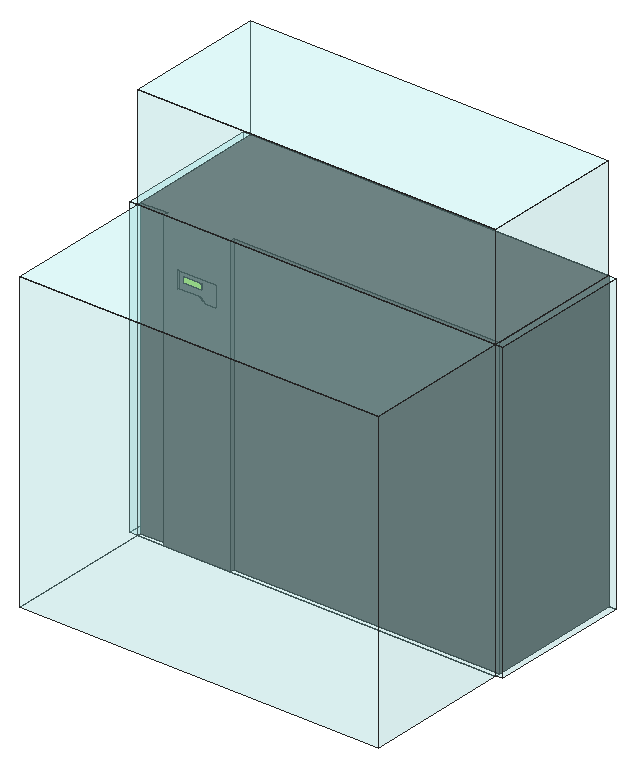
Revit family "Legrand-Ups-Keor_HP-100_800kVA", category Installations électriques, Revit 2018
Family settings
  Conserver l'orientation des annotations = Non
  Cote de connecteur circulaire = Utiliser le diamètre
  Type d'élément = Normal
  Numéro OmniClass = 23.80.10.17.34
  Titre OmniClass = Static Uninterruptible Power Supplies
  Basée sur le plan de construction = Non
  Toujours verticalement = Oui
  Couper avec des vides une fois chargée = Non
  Partagée = Non
  Point de calcul de pièce = Non
Parameters (values of type "960438")
  Visibilità aree d'installazione = yes
  URL = "https://ups.legrand.com/it/prodotti/keor-hp"
  Right Width = 2032.5 mm
  General Conditions of Use = "https://export.legrand.com/en/terms-of-use-BIM-objects"
  Fabricant = "LEGRAND"
  Output power factor = 0.9
  Output Voltage = "380,400,415 Vac"
  Operating temperature = "from 0°C to +40°C"
  Operating altitude = "up to 1000 m altitude without derating"
  Modèle = "KEOR HP"
  Max sound pressure level = "< 62 dB at 1m"
  Left Width = 407.5 mm
  Installation type = "On the floor"
  Installation space = 4.70 m³
  Input / Output phase configuration = "3ph+PE/3ph+N+PE"
  Humidity = "0-95% not condensing"
  Frequency of use = "50 Hz or 60 Hz selectable"
  Connection constraint (signal) = "Ahead and above/bottom"
  Connection constraint = "Ahead and bottom"
  Conductors = "Cables"
  Cabinet Depth = 965 mm
  Nominal Power = 600 kVA
  Weight = 2400.0 kg
  Cabinet Width = 2440 mm
  Back Clearance = 0 mm
  Side Clearance = 50 mm
  Front Clearance = 1000 mm
  Cabinet Height = 2020 mm
  UPS Only = yes
  Additional Cabinet = no
  Active power of use = 540 kW
Types (31, lengths in mm): name | Right Width | Output power factor | Output Voltage | Max sound pressure level | Left Width | Installation space | Input / Output phase configuration | Frequency of use | Connection constraint (signal) | Connection constraint | Cabinet Depth | Nominal Power | Weight | Cabinet Width | Cabinet Height | UPS Only | Additional Cabinet | Active power of use
  (no name) | 385 | 0 | "" | "" | 385 | 1.40 m³ | "" | "" | "" | "Ahead and above" | 950 | 0 kVA | 300.0 kg | 770 | 1920 | no | yes | 0 kW
  960430 | 407.5 | 0.9 | "380,400,415 Vac" | "< 60 dB at 1m" | 407.5 | 1.12 m³ | "3ph+PE/3ph+N+PE" | "50 Hz or 60 Hz selectable" | "Ahead and above/bottom" | "Ahead and bottom" | 825 | 100 kVA | 625.0 kg | 815 | 1670 | yes | no | 90 kW
  960431 | 407.5 | 0.9 | "380,400,415 Vac" | "< 60 dB at 1m" | 407.5 | 1.12 m³ | "3ph+PE/3ph+N+PE" | "50 Hz or 60 Hz selectable" | "Ahead and above/bottom" | "Ahead and bottom" | 825 | 125 kVA | 660.0 kg | 815 | 1670 | yes | no | 112.5 kW
  960432 | 407.5 | 0.9 | "380,400,415 Vac" | "< 60 dB at 1m" | 407.5 | 1.12 m³ | "3ph+PE/3ph+N+PE" | "50 Hz or 60 Hz selectable" | "Ahead and above/bottom" | "Ahead and bottom" | 825 | 160 kVA | 715.0 kg | 815 | 1670 | yes | no | 144 kW
  960433 | 407.5 | 0.9 | "380,400,415 Vac" | "< 62 dB at 1m" | 812.5 | 2.00 m³ | "3ph+PE/3ph+N+PE" | "50 Hz or 60 Hz selectable" | "Ahead and above/bottom" | "Ahead and bottom" | 870 | 200 kVA | 970.0 kg | 1220 | 1905 | yes | no | 180 kW
  960434 | 407.5 | 0.9 | "380,400,415 Vac" | "< 62 dB at 1m" | 812.5 | 2.00 m³ | "3ph+PE/3ph+N+PE" | "50 Hz or 60 Hz selectable" | "Ahead and above/bottom" | "Ahead and bottom" | 870 | 250 kVA | 1090.0 kg | 1220 | 1905 | yes | no | 225 kW
  960435 | 407.5 | 0.9 | "380,400,415 Vac" | "< 62 dB at 1m" | 812.5 | 2.00 m³ | "3ph+PE/3ph+N+PE" | "50 Hz or 60 Hz selectable" | "Ahead and above/bottom" | "Ahead and bottom" | 870 | 300 kVA | 1170.0 kg | 1220 | 1905 | yes | no | 270 kW
  960436 | 1582.5 | 0.9 | "380,400,415 Vac" | "< 62 dB at 1m" | 407.5 | 3.60 m³ | "3ph+PE/3ph+N+PE" | "50 Hz or 60 Hz selectable" | "Ahead and above/bottom" | "Ahead and bottom" | 965 | 400 kVA | 1820.0 kg | 1990 | 1920 | yes | no | 360 kW
  960437 | 2032.5 | 0.9 | "380,400,415 Vac" | "< 62 dB at 1m" | 407.5 | 4.70 m³ | "3ph+PE/3ph+N+PE" | "50 Hz or 60 Hz selectable" | "Ahead and above/bottom" | "Ahead and bottom" | 965 | 500 kVA | 2220.0 kg | 2440 | 2020 | yes | no | 450 kW
  960438 | 2032.5 | 0.9 | "380,400,415 Vac" | "< 62 dB at 1m" | 407.5 | 4.70 m³ | "3ph+PE/3ph+N+PE" | "50 Hz or 60 Hz selectable" | "Ahead and above/bottom" | "Ahead and bottom" | 965 | 600 kVA | 2400.0 kg | 2440 | 2020 | yes | no | 540 kW
  960439 | 2847.5 | 0.9 | "380,400,415 Vac" | "< 62 dB at 1m" | 792.5 | 6.70 m³ | "3ph+PE/3ph+N+PE" | "50 Hz or 60 Hz selectable" | "Ahead and above/bottom" | "Ahead and bottom" | 965 | 800 kVA | 3600.0 kg | 3640 | 1920 | yes | no | 720 kW
  960440 | 275 | 0 | "" | "" | 275 | 1.00 m³ | "" | "" | "" | "Ahead and above" | 950 | 0 kVA | 175.0 kg | 550 | 1920 | no | yes | 0 kW
  960441 | 285 | 0 | "" | "" | 285 | 1.09 m³ | "" | "" | "" | "Ahead and above" | 950 | 0 kVA | 195.0 kg | 570 | 2020 | no | yes | 0 kW
  960442 | 285 | 0 | "" | "" | 285 | 1.09 m³ | "" | "" | "" | "Ahead and above" | 950 | 0 kVA | 195.0 kg | 570 | 2020 | no | yes | 0 kW
  960443 | 285 | 0 | "" | "" | 285 | 1.00 m³ | "" | "" | "" | "Ahead and above" | 950 | 0 kVA | 225.0 kg | 570 | 1920 | no | yes | 0 kW
  960454 | 245 | 0 | "" | "" | 245 | 1.00 m³ | "" | "" | "" | "Ahead and above" | 825 | 0 kVA | 120.0 kg | 490 | 1670 | no | yes | 0 kW
  960455 | 275 | 0 | "" | "" | 275 | 0.91 m³ | "" | "" | "" | "Ahead and above" | 855 | 0 kVA | 120.0 kg | 550 | 1950 | no | yes | 0 kW
  960456 | 275 | 0 | "" | "" | 275 | 1.00 m³ | "" | "" | "" | "Ahead and above" | 950 | 0 kVA | 190.0 kg | 550 | 1920 | no | yes | 0 kW
  960457 | 275 | 0 | "" | "" | 275 | 1.00 m³ | "" | "" | "" | "Ahead and above" | 950 | 0 kVA | 240.0 kg | 550 | 2020 | no | yes | 0 kW
  960458 | 275 | 0 | "" | "" | 275 | 1.00 m³ | "" | "" | "" | "Ahead and above" | 950 | 0 kVA | 260.0 kg | 550 | 2020 | no | yes | 0 kW
  960459 | 385 | 0 | "" | "" | 385 | 1.40 m³ | "" | "" | "" | "Ahead and above" | 950 | 0 kVA | 300.0 kg | 770 | 1920 | no | yes | 0 kW
  960444 | 245 | 0 | "" | "" | 245 | 0.67 m³ | "" | "" | "" | "Ahead and above" | 825 | 0 kVA | 468.0 kg | 490 | 1670 | no | yes | 0 kW
  960445 | 245 | 0 | "" | "" | 245 | 0.67 m³ | "" | "" | "" | "Ahead and above" | 825 | 0 kVA | 488.0 kg | 490 | 1670 | no | yes | 0 kW
  960446 | 245 | 0 | "" | "" | 245 | 0.67 m³ | "" | "" | "" | "Ahead and above" | 825 | 0 kVA | 508.0 kg | 490 | 1670 | no | yes | 0 kW
  960447 | 275 | 0 | "" | "" | 275 | 0.91 m³ | "" | "" | "" | "Ahead and above" | 855 | 0 kVA | 570.0 kg | 550 | 1950 | no | yes | 0 kW
  960448 | 275 | 0 | "" | "" | 275 | 0.91 m³ | "" | "" | "" | "Ahead and above" | 855 | 0 kVA | 725.0 kg | 550 | 1950 | no | yes | 0 kW
  960449 | 275 | 0 | "" | "" | 275 | 0.91 m³ | "" | "" | "" | "Ahead and above" | 855 | 0 kVA | 1005.0 kg | 550 | 1950 | no | yes | 0 kW
  960450 | 275 | 0 | "" | "" | 275 | 1.00 m³ | "" | "" | "" | "Ahead and above" | 950 | 0 kVA | 1150.0 kg | 550 | 1920 | no | yes | 0 kW
  960451 | 275 | 0 | "" | "" | 275 | 1.00 m³ | "" | "" | "" | "Ahead and above" | 950 | 0 kVA | 1250.0 kg | 550 | 2020 | no | yes | 0 kW
  960452 | 275 | 0 | "" | "" | 275 | 1.00 m³ | "" | "" | "" | "Ahead and above" | 950 | 0 kVA | 1450.0 kg | 550 | 2020 | no | yes | 0 kW
  960453 | 600 | 0 | "" | "" | 600 | 2.10 m³ | "" | "" | "" | "Ahead and above" | 950 | 0 kVA | 1600.0 kg | 1200 | 1920 | no | yes | 0 kW
Reference planes
  plane 1 "Centro (Fronte/Retro)": y = 0
  plane 2: z = 0
  plane 3 "Centro (Sinistra/Destra)": x = 0
  plane 4: x = 2032.5
  plane 5: x = -407.5
  plane 6: y = 482.5
  plane 7 "Piano Frontale": y = -482.5
  plane 8 "PIANO TETTO ARMADIO": z = 2020
  plane 9: y = -480.5
  plane 10: z = 2720
  plane 11: y = -1482.5
  plane 12: x = 2082.5
  plane 13: x = -457.5
  plane 14: y = -484.5
  plane 15: y = -382.5
Forms (mm)
  Extrusion 1, solid
    sketch origin (0, 0, 0) x (1, 0, 0) y (0, 1, 0)
      loop
        line (-407.5, 482.5) -> (-407.5, -482.5) -> (2032.5, -482.5) -> (2032.5, 482.5) -> (-407.5, 482.5)
    from 0 to 2020
  Extrusion 2, void
    sketch origin (0, 0, 0) x (1, 0, 0) y (0, 1, 0)
      loop
        line (-407.5, -482.5) -> (-225, -482.5) -> (-225, -452.5) -> (-407.5, -452.5) -> (-407.5, -482.5)
      loop
        line (2032.5, -482.5) -> (2032.5, -452.5) -> (225, -452.5) -> (225, -482.5) -> (2032.5, -482.5)
    from 0 to 2020
  Extrusion 3, void
    sketch origin (2032.5, -482.5, 0) x (1, 0, 0) y (0, 0, -1)
      loop
        line (-2162.5, -1720) -> (-1902.5, -1720) -> (-1902.5, -1570) -> (-1977.5, -1570) -> (-2012.5, -1605) -> (-2162.5, -1605) -> (-2162.5, -1720)
    from 0 to 2
  Extrusion 4, solid, visible <- "UPS Only"
    sketch origin (2032.5, -480.5, 0) x (-1, 0, 0) y (0, 0, -1)
      loop
        line (2122.5, -1690) -> (2122.5, -1655) -> (2002.5, -1655) -> (2002.5, -1690) -> (2122.5, -1690)
    from 0 to 2
  Extrusion 5, solid
    sketch origin (0, 0, 2020) x (-1, 0, 0) y (0, -1, 0)
      loop
        line (407.5, -482.5) -> (407.5, 482.5) -> (-2032.5, 482.5) -> (-2032.5, -482.5) -> (407.5, -482.5)
    from 0 to 700
  Extrusion 6, solid
    sketch origin (0, 0, 0) x (1, 0, 0) y (0, 1, 0)
      loop
        line (-407.5, -482.5) -> (-407.5, -1482.5) -> (2032.5, -1482.5) -> (2032.5, -482.5) -> (-407.5, -482.5)
    from 0 to 2020
  Extrusion 7, solid
    sketch origin (0, 0, 0) x (1, 0, 0) y (0, 1, 0)
      loop
        line (-457.5, 482.5) -> (-457.5, -482.5) -> (-407.5, -482.5) -> (-407.5, 482.5) -> (-457.5, 482.5)
    from 0 to 2020
  Extrusion 8, solid, visible <- "UPS Only"
    sketch origin (0, 0, 0) x (1, 0, 0) y (0, 1, 0)
      loop
        line (2082.5, 482.5) -> (2032.5, 482.5) -> (2032.5, -482.5) -> (2082.5, -482.5) -> (2082.5, 482.5)
    from 0 to 2020
  Extrusion 9, solid, visible <- "Additional Cabinet"
    sketch origin (1413.306, -482.5, 1200) x (1, 0, 0) y (0, 0, 1)
      loop
        line (-1820.806, 820) -> (-1820.806, -1200) -> (619.194, -1200) -> (619.194, 820) -> (-1820.806, 820)
    from -30 to 2
Cuts and joins
  Extrusion 2, Extrusion 3 cuts Extrusion 1
Dimensions and locks
  "Cabinet Width": plane 5 to plane 4
  equal spacing: plane 6, plane 1 "Centro (Fronte/Retro)", plane 7 "Piano Frontale"
  "Cabinet Depth": plane 6 to plane 7 "Piano Frontale"
  "Cabinet Height": plane 8 "PIANO TETTO ARMADIO" to level
  "Left Width": plane 5 to plane 3 "Centro (Sinistra/Destra)"
  "Right Width": plane 3 "Centro (Sinistra/Destra)" to plane 4
  locked: Extrusion 2 sketch curve to Extrusion 2 sketch curve at 450
  locked: Extrusion 2 sketch curve to Extrusion 2 sketch curve at 30
  equal spacing: Extrusion 2 sketch curve, plane 3 "Centro (Sinistra/Destra)", Extrusion 2 sketch curve, locked at 225 each
  locked: plane 9 to plane 7 "Piano Frontale" at 2
  cut or joined group of Extrusion 1, Extrusion 2, Extrusion 3 to Extrusion 4 sketch curve to Extrusion 4 sketch curve = 30 mm locked, 35 mm locked
  cut or joined group of Extrusion 1, Extrusion 2, Extrusion 3 to Extrusion 4 sketch curve = 40 mm
  Extrusion 4 sketch curve to Extrusion 4 sketch curve = 120 mm
  locked: Extrusion 3 sketch curve to Extrusion 3 sketch curve at 260
  equal spacing: Extrusion 3 sketch curve, plane 3 "Centro (Sinistra/Destra)", Extrusion 3 sketch curve, locked at 130 each
  plane 3 "Centro (Sinistra/Destra)" to Extrusion 5 = 407.5 mm
  plane 10 to plane 8 "PIANO TETTO ARMADIO" = 700 mm
  "Front Clearance": plane 11 to plane 7 "Piano Frontale"
  "Side Clearance": plane 4 to plane 12
  "Side Clearance": plane 13 to plane 5
  plane 7 "Piano Frontale" to Extrusion 9 = 30 mm
  plane 14 to plane 7 "Piano Frontale" = 2 mm
  aligned and locked: level to plane 2
  aligned and locked: Extrusion 1 sketch curve to plane 6
  aligned and locked: plane 5 to Extrusion 1 sketch curve
  aligned and locked: Extrusion 1 sketch curve to plane 7 "Piano Frontale"
  aligned and locked: Extrusion 1 sketch curve to plane 4
  aligned and locked: Extrusion 1 to plane 8 "PIANO TETTO ARMADIO"
  aligned and locked: Extrusion 2 sketch curve to Extrusion 1  (x3)
  aligned and locked: Extrusion 1 to Extrusion 2 sketch curve
  aligned and locked: Extrusion 2 sketch curve to Extrusion 2 sketch curve
  aligned and locked: Extrusion 2 to Extrusion 1
  aligned and locked: Extrusion 2 to level
  aligned and locked: plane 9 to Extrusion 3
  aligned and locked: cut or joined group of Extrusion 1, Extrusion 2, Extrusion 3 to Extrusion 4
  aligned and locked: plane 7 "Piano Frontale" to Extrusion 4
  aligned and locked: Extrusion 5 sketch curve to plane 6
  aligned and locked: plane 5 to Extrusion 5 sketch curve
  aligned and locked: Extrusion 5 sketch curve to plane 7 "Piano Frontale"
  aligned and locked: Extrusion 5 sketch curve to plane 4
  aligned and locked: Extrusion 5 to plane 10
  aligned and locked: plane 7 "Piano Frontale" to Extrusion 6 sketch curve
  aligned and locked: Extrusion 6 sketch curve to plane 5
  aligned and locked: Extrusion 6 sketch curve to plane 4
  aligned and locked: Extrusion 6 sketch curve to plane 11
  aligned and locked: Extrusion 6 to level
  aligned and locked: Extrusion 6 to plane 8 "PIANO TETTO ARMADIO"
  aligned and locked: Extrusion 7 sketch curve to plane 5
  aligned and locked: Extrusion 7 sketch curve to plane 7 "Piano Frontale"
  aligned and locked: Extrusion 7 sketch curve to plane 6
  aligned and locked: plane 13 to Extrusion 7 sketch curve
  aligned and locked: Extrusion 7 to level
  aligned and locked: plane 8 "PIANO TETTO ARMADIO" to Extrusion 7
  aligned and locked: Extrusion 8 sketch curve to plane 4
  aligned and locked: Extrusion 8 sketch curve to plane 6
  aligned and locked: plane 7 "Piano Frontale" to Extrusion 8 sketch curve
  aligned and locked: plane 12 to Extrusion 8 sketch curve
  aligned and locked: Extrusion 8 to level
  aligned and locked: Extrusion 8 to plane 8 "PIANO TETTO ARMADIO"
  aligned and locked: Extrusion 9 sketch curve to plane 4
  aligned and locked: level to Extrusion 9 sketch curve
  aligned and locked: plane 5 to Extrusion 9 sketch curve
  aligned and locked: Extrusion 9 sketch curve to plane 8 "PIANO TETTO ARMADIO"
  aligned and locked: Extrusion 9 to plane 14
  aligned and locked: Extrusion 9 to cut or joined group of Extrusion 1, Extrusion 2, Extrusion 3
Automatic sketch dimensions
  Extrusion 3 sketch curve to Extrusion 3 sketch curve = 110 mm
  Extrusion 3 sketch curve to Extrusion 3 sketch curve = 35 mm  (x2)
  Extrusion 3 sketch curve to Extrusion 1 = 300 mm
  Extrusion 3 sketch curve to Extrusion 3 sketch curve = 115 mm
